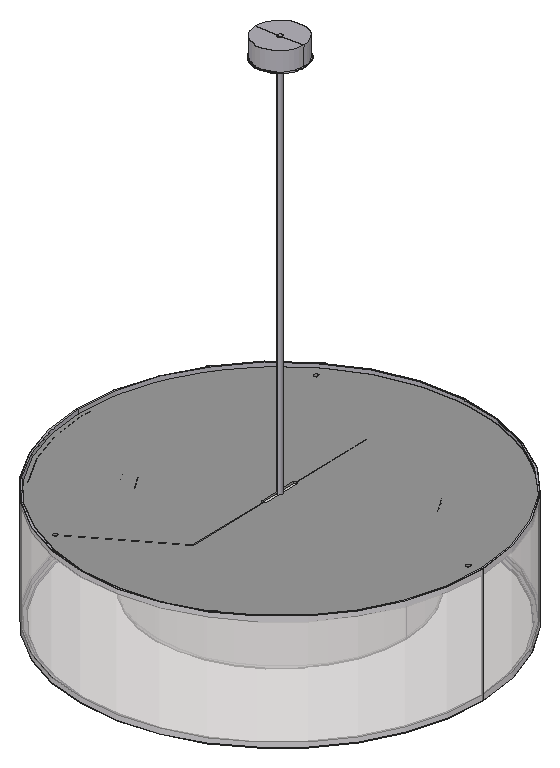
Revit family "Lighting - Lumetta - Pendant - P54814L2", category Lighting Fixtures, host Ceiling, Revit 2015
Parameters
  Wattage = 11.7117 W
  built-in parameter 1150110 = 1 (stored number, unit not read)
  URL = "https://lumetta.com/luminaires/drum-l2-48-pendant/"
  Type Comments = "Drum L2 48'' Pendant"  # constant formula
  built-in parameter 1114217 = 1 (stored number, unit not read)
  Top Lens-Material [instance] = Acrylic - 2447 - White
  Top Lens [instance] = yes
  built-in parameter 1150109 = 1 (stored number, unit not read)
  built-in parameter 1150134 = (empty or 0)
  Suspension [instance] = 2
  built-in parameter 1150113 = 1 (stored number, unit not read)
  Stem Hung-ALL Lamping [instance] = Suspension = 2  # yes
  STD-NON_DIM [instance] = not([3-4-LED])  # yes
  Model URL [instance] = "https://lumetta.com/luminaires/drum-l2-48-pendant/"
  Light Source Symbol Size = 0' - 1"
  Diffuser Material-Outer-Inside [instance] = Shade - Lumetta - D61 - MT_White
  Coupling-Stems Over 60 inches [instance] = and([Stem Hung-ALL Lamping], Fixture Drop > 5' 0")  # no
  Model = "P54814L2"  # constant formula
  Manufacturer = "Lumetta, Inc."  # constant formula
  Lumens = 1300 lm
  built-in parameter 1150115 = 1 (stored number, unit not read)
  built-in parameter 1150105 = 103.45 (stored number, unit not read)
  built-in parameter 1150137 = (empty or 0)
  built-in parameter 1150139 = (empty or 0)
  built-in parameter 1150112 = 1 (stored number, unit not read)
  built-in parameter 1150114 = 1 (stored number, unit not read)
  built-in parameter 1150132 = 1
  built-in parameter 1150102 = (empty or 0)
  built-in parameter 1150138 = (empty or 0)
  built-in parameter 1150107 = 3000 (stored number, unit not read)
  built-in parameter 1150106 = 1.0345 (stored number, unit not read)
  Frame Finish [instance] = Paint - Lumetta - F02 - PC_Chrome
  Fixture Height [instance] = 1' - 2"
  Fixture Drop [instance] = 4' - 0"
  built-in parameter 1150104 = 10.312 (stored number, unit not read)
  Dimming Lamp Color Temperature Shift = (empty or 0)
  Diffuser Material-Outer [instance] = Shade - Lumetta - D61 - MT_White
  Description = ""
  Cord [instance] = Suspension = 1  # no
  Bottom Lens-Material [instance] = Acrylic - P95 - Etched White
  Bottom Lens [instance] = yes
  3-4-LED [instance] = and([3 or 4 Wire Dimming OR LED], Suspension = 1)  # no
  3 or 4 Wire Dimming OR LED [instance] = yes
  3 Cables [instance] = Suspension = 1  # no
  1CRD-3CBL-ALL Lamping [instance] = Suspension = 1  # no
  Cord Color [instance] = Cord, Black
  Color Filter = 16777215
  built-in parameter 1114218 = 1 (stored number, unit not read)
  built-in parameter 1150133 = 10 (stored number, unit not read)
Reference planes (in)
  plane 1 "Light Source Axis (F/B)": y = 0
  plane 2 "Ceiling": z = 96
  plane 3 "Light Source Axis (L/R)": x = 0
  plane 4 "Light Source Elevation": z = 45.5
  plane 5 "Fixture-Top": z = 48
  plane 6 "Fixture-Radius": x = 24
  plane 7 "Fixture-Height": z = 34
  plane 8: through (0, 0, 0) normal (-0.5, -0.866, 0)
  plane 9: y = 0
  plane 10: through (0, 0, 0) normal (0.5, -0.866, 0)
  plane 11 "Plane-120": through (-12, 20.78461, 0) normal (0.5, -0.866, 0)
  plane 12 "Plane-240": through (-74.35383, 15.21539, 0) normal (0.5, 0.866, 0)
  plane 13: through (0, 0, 0) normal (-0.866, -0.5, 0)
  plane 14: through (0, 0, 0) normal (0.866, -0.5, 0)
Forms (in)
  Revolve 1, solid, material "Paint - Lumetta - F02 - PC_Chrome" <- "Frame Finish", visible <- "1CRD-3CBL-ALL Lamping"
    sketch origin (0, 0, 0) x (1, 0, 0) y (0, 0, 1)
      loop
        line (0, 96) -> (0, 95.4375) -> (3, 95.4375) -> (3, 95.5) -> (2.87509, 95.5) -> (2.87509, 96) -> (0, 96)
      axis (0, 96) -> (0, 95.4375)
    angle from 0 to 360
  Extrusion 2, void
    sketch origin (0, 0, 95.4375) x (0, -1, 0) y (1, 0, 0)
      loop
        circle (0, 0) r 0.25
      loop
        circle (0, 2.5) r 0.06274
      loop
        circle (-2.16506, -1.25) r 0.06274
      loop
        circle (2.16506, -1.25) r 0.06274
    from 0 to 0.06358
  Revolve 3, solid, material "Paint - Lumetta - F02 - PC_Chrome" <- "Frame Finish"
    sketch origin (0, 0, 0) x (1, 0, 0) y (0, 0, 1)
      loop
        line (24, 48) -> (23.875, 48) -> (23.875, 47.5) -> (23.375, 47.5) -> (23.375, 47.375) -> (24, 47.375) -> (24, 48)
      loop
        line (24, 34.625) -> (23.875, 34.625) -> (23.875, 34.125) -> (23.43781, 34.125) -> (23.43781, 34) -> (24, 34) -> (24, 34.625)
      axis (0, 48) -> (0, 34)
    angle from 0 to 360
  Revolve 4, solid, material "Shade - Lumetta - D61 - MT_White" <- "Diffuser Material-Outer"
    sketch origin (0, 0, 0) x (1, 0, 0) y (0, 0, 1)
      loop
        line (24, 48) -> (24, 34.00069) -> (24.06242, 34.00069) -> (24.06242, 48) -> (24, 48)
      axis (0, 48) -> (0, 34.00069)
    angle from 0 to 360
  Extrusion 5, solid, material "Paint - Lumetta - F02 - PC_Chrome" <- "Frame Finish", visible <- "Stem Hung-ALL Lamping"
    sketch origin (0, 0, 48) x (0, -1, 0) y (-1, 0, 0)
      loop
        circle (0, 0) r 0.25
    from 0.56254 to -48
  Revolve 6, solid, material "Paint - Lumetta - F02 - PC_Chrome" <- "Frame Finish", visible <- "Coupling-Stems Over 60 inches"
    sketch origin (0, 0, 0) x (1, 0, 0) y (0, 0, 1)
      loop
        line (0, 108.53023) -> (0, 108) -> (0.26233, 108)
        arc (0.26233, 108) -> (0.31307, 108.05074) -> (0.26233, 108.10149) r 0.05074
        arc (0.26233, 108.10149) -> (0.29304, 108.26499) -> (0.26243, 108.42851) r 0.45126
        arc (0.26243, 108.42851) -> (0.31329, 108.47937) -> (0.26243, 108.53023) r 0.05086
        line (0.26243, 108.53023) -> (0, 108.53023)
      axis (0, 108.53023) -> (0, 108)
    angle from 0 to 360
  Revolve 7, solid, material "Paint - Lumetta - F02 - PC_Chrome" <- "Frame Finish", visible <- "Stem Hung-ALL Lamping"
    sketch origin (0, 0, 0) x (1, 0, 0) y (0, 0, 1)
      loop
        line (0, 96) -> (0, 93.40625) -> (0.34988, 93.40625)
        arc (0.34988, 93.40625) -> (0.49124, 93.54417) -> (0.58115, 93.72) r 0.61026
        line (0.58115, 93.72) -> (3, 93.72) -> (3, 93.78) -> (2.875, 93.78) -> (2.875, 96) -> (0, 96)
      axis (0, 96) -> (0, 93.40625)
    angle from 0 to 360
  Extrusion 8, solid, material "Cord, Black" <- "Cord Color", visible <- "1CRD-3CBL-ALL Lamping"
    sketch origin (0, 0, 48) x (0, -1, 0) y (1, 0, 0)
      loop
        circle (0, 0) r 0.15674
    from -0.56254 to 48
  Extrusion 9, solid
    sketch origin (0, 0, 48) x (0, -1, 0) y (1, 0, 0)
      loop
        line (-0.5, 23.48559) -> (-0.5, 22.75) -> (0.5, 22.75) -> (0.5, 23.48559)
        arc (0.5, 23.48559) -> (0, 23.49091) -> (-0.5, 23.48559) r 23.49091
      loop
        circle (0, 23) r 0.11051
      loop
        arc (-20.54312, -11.28322) -> (-20.29774, -11.7189) -> (-20.04312, -12.14925) r 23.43781
        line (-20.04312, -12.14925) -> (-19.45208, -11.80801) -> (-19.95208, -10.94199) -> (-20.54312, -11.28322)
      loop
        circle (-19.91858, -11.5) r 0.10826
      loop
        arc (20.08912, -12.17581) -> (20.34372, -11.74545) -> (20.58912, -11.30978) r 23.49091
        line (20.58912, -11.30978) -> (19.95208, -10.94199) -> (19.45208, -11.80801) -> (20.08912, -12.17581)
      loop
        circle (19.91858, -11.5) r 0.10826
    from -0.5625 to -0.67116
  Extrusion 10, solid
    sketch origin (0, 0, 48) x (0, -1, 0) y (1, 0, 0)
      loop
        circle (0, 23) r 0.11051
      loop
        line (-0.76833, 23.23292) -> (-0.76833, 22.46921) -> (-19.87974, -10.63271) -> (-20.48613, -10.98282) -> (-19.73613, -12.28185) -> (-19.07474, -11.9) -> (19.14807, -11.9) -> (19.75447, -12.2501) -> (20.50447, -10.95107) -> (19.84307, -10.56921) -> (0.73167, 22.53271) -> (0.73167, 23.23292) -> (-0.76833, 23.23292)
      loop
        circle (0, 22.25) r 0.15796
      loop
        circle (-19.91858, -11.5) r 0.11051
      loop
        circle (-19.26907, -11.125) r 0.15796
      loop
        circle (19.91858, -11.5) r 0.11051
      loop
        circle (19.26907, -11.125) r 0.15796
      loop
        arc (17.30968, -10.2125) -> (17.49913, -10.10313) -> (17.49913, -9.88438) r 0.21875
        line (17.49913, -9.88438) -> (0.18944, 20.09688)
        arc (0.18944, 20.09688) -> (0, 20.20625) -> (-0.18944, 20.09688) r 0.21875
        line (-0.18944, 20.09688) -> (-17.49913, -9.88437)
        arc (-17.49913, -9.88437) -> (-17.49913, -10.10312) -> (-17.30968, -10.2125) r 0.21875
        line (-17.30968, -10.2125) -> (17.30968, -10.2125)
    from -0.625 to -0.67116
  Sweep 11, solid, visible <- "1CRD-3CBL-ALL Lamping"
    path origin (0, 0, 0) x (1, 0, 0) y (0, 0, 1)
      loop
        line (2.5, 95.50108) -> (22.26798, 47.4375)
    profile origin (12.38399, 0, 71.46929) x (0.924833, 0, 0.380373) y (0, -1, 0)
      loop
        circle (0, 0) r 0.03083
  Sweep 12, solid, visible <- "1CRD-3CBL-ALL Lamping"
    path origin (0, 0, 0) x (-0.5, 0.866025, 0) y (0, 0, 1)
      loop
        line (2.5, 95.50108) -> (22.26798, 47.4375)
    profile origin (-6.192, 10.72485, 71.46929) x (-0.462417, 0.800929, 0.380373) y (0.866025, 0.5, 0)
      loop
        circle (0, 0) r 0.03083
  Sweep 13, solid, visible <- "1CRD-3CBL-ALL Lamping"
    path origin (0, 0, 0) x (-0.5, -0.866025, 0) y (0, 0, 1)
      loop
        line (2.5, 95.50108) -> (22.26798, 47.4375)
    profile origin (-6.192, -10.72485, 71.46929) x (-0.462417, -0.800929, 0.380373) y (-0.866025, 0.5, 0)
      loop
        circle (0, 0) r 0.03083
  Extrusion 14, solid
    sketch origin (0, 0, 48) x (0, -1, 0) y (1, 0, 0)
      loop
        line (-12.51407, -1.25) -> (12.51407, -1.25) -> (11.07069, 1.25) -> (-11.07069, 1.25) -> (-12.51407, -1.25)
      loop
        circle (0, 0) r 0.28281
    from -0.56254 to -0.625
  Extrusion 15, solid, material "Acrylic - 2447 - White" <- "Top Lens-Material", visible <- "Top Lens"
    sketch origin (0, 0, 48) x (0, -1, 0) y (1, 0, 0)
      loop
        line (-2.50665, 0.05287) -> (-12.8083, 0.05287) -> (-19.13088, -10.89816)
        arc (-19.13088, -10.89816) -> (-19.45845, -11.31123) -> (-19.03994, -10.99064) r 0.26561
        line (-19.03994, -10.99064) -> (-12.73613, -0.07213) -> (-2.50665, -0.07213)
        arc (-2.50665, -0.07213) -> (-2.4132, -0.21734) -> (-2.25, -0.27378) r 0.26415
        line (-2.25, -0.27378) -> (2.25, -0.27378)
        arc (2.25, -0.27378) -> (2.41692, -0.21436) -> (2.50874, -0.06284) r 0.26415
        line (2.50874, -0.06284) -> (12.73077, -0.06284) -> (19.04082, -10.99217)
        arc (19.04082, -10.99217) -> (19.45768, -11.30984) -> (19.13165, -10.89949) r 0.26408
        line (19.13165, -10.89949) -> (12.80255, 0.06284) -> (2.50402, 0.06284)
        arc (2.50402, 0.06284) -> (2.40911, 0.20123) -> (2.25, 0.25453) r 0.26415
        line (2.25, 0.25453) -> (-2.25, 0.25453)
        arc (-2.25, 0.25453) -> (-2.4132, 0.19808) -> (-2.50665, 0.05287) r 0.26415
      loop
        circle (0, 22.25) r 0.26626
      loop
        circle (0, 0) r 23.84375
    from -0.5 to -0.375
  Revolve 16, solid, material "Paint - Lumetta - F02 - PC_Chrome" <- "Frame Finish", visible <- "STD-NON_DIM"
    sketch origin (0, 0, 0) x (1, 0, 0) y (0, 0, 1)
      loop
        line (0, 95.4375) -> (0, 94.87435) -> (0.28215, 94.87435) -> (0.37481, 95.4375) -> (0, 95.4375)
      axis (0, 95.4375) -> (0, 94.87435)
    angle from 0 to 360
  Revolve 17, solid, material "Paint - Lumetta - F02 - PC_Chrome" <- "Frame Finish", visible <- "3-4-LED"
    sketch origin (0, 0, 0) x (1, 0, 0) y (0, 0, 1)
      loop
        line (0, 95.4375) -> (0, 95.3765) -> (0.37481, 95.3765) -> (0.37481, 95.4375) -> (0, 95.4375)
      axis (0, 95.4375) -> (0, 95.3765)
    angle from 0 to 360
  Extrusion 18, solid, material "Acrylic - 2447 - White"
    sketch origin (0, 0, 48) x (0, -1, 0) y (1, 0, 0)
      loop
        circle (0, 0) r 15
      loop
        circle (0, 13.75) r 0.07031
      loop
        circle (-11.90785, -6.875) r 0.07031
      loop
        circle (11.90785, -6.875) r 0.07031
      loop
        circle (0, -13.75) r 0.07031
      loop
        circle (11.90785, 6.875) r 0.07031
      loop
        circle (-11.90785, 6.875) r 0.07031
      loop
        arc (-10.05433, -8.36317) -> (-10.13443, -8.74297) -> (-9.97486, -9.09682) r 0.625
        arc (-9.97486, -9.09682) -> (-5.67849, -12.24764) -> (-0.49766, -13.49082) r 13.5
        arc (-0.49766, -13.49082) -> (-0.44025, -13.47921) -> (-0.39444, -13.44273) r 0.125
        arc (-0.39444, -13.44273) -> (0, -13.25) -> (0.39444, -13.44273) r 0.5
        arc (0.39444, -13.44273) -> (0.44025, -13.47921) -> (0.49766, -13.49082) r 0.125
        arc (0.49766, -13.49082) -> (5.67849, -12.24764) -> (9.97486, -9.09682) r 13.5
        arc (9.97486, -9.09682) -> (10.13443, -8.74297) -> (10.05433, -8.36317) r 0.625
        line (10.05433, -8.36317) -> (9.23441, -6.94303)
        arc (9.23441, -6.94303) -> (9.20929, -6.84928) -> (9.23441, -6.75553) r 0.1875
        line (9.23441, -6.75553) -> (10.46767, -4.61947)
        arc (10.46767, -4.61947) -> (10.5363, -4.55084) -> (10.63005, -4.52572) r 0.1875
        line (10.63005, -4.52572) -> (12.26988, -4.52572)
        arc (12.26988, -4.52572) -> (12.63885, -4.40519) -> (12.86551, -4.09008) r 0.625
        arc (12.86551, -4.09008) -> (13.44601, 1.2061) -> (11.93223, 6.31443) r 13.5
        arc (11.93223, 6.31443) -> (11.89347, 6.35833) -> (11.83896, 6.37977) r 0.125
        arc (11.83896, 6.37977) -> (11.47484, 6.625) -> (11.44452, 7.06296) r 0.5
        arc (11.44452, 7.06296) -> (11.45321, 7.12088) -> (11.43457, 7.1764) r 0.125
        arc (11.43457, 7.1764) -> (7.76752, 11.04154) -> (2.89064, 13.18689) r 13.5
        arc (2.89064, 13.18689) -> (2.50442, 13.14816) -> (2.21555, 12.88889) r 0.625
        line (2.21555, 12.88889) -> (1.39563, 11.46875)
        arc (1.39563, 11.46875) -> (1.327, 11.40012) -> (1.23325, 11.375) r 0.1875
        line (1.23325, 11.375) -> (-1.23325, 11.375)
        arc (-1.23325, 11.375) -> (-1.327, 11.40012) -> (-1.39563, 11.46875) r 0.1875
        line (-1.39563, 11.46875) -> (-2.21555, 12.88889)
        arc (-2.21555, 12.88889) -> (-2.50442, 13.14816) -> (-2.89064, 13.18689) r 0.625
        arc (-2.89064, 13.18689) -> (-7.76752, 11.04154) -> (-11.43457, 7.1764) r 13.5
        arc (-11.43457, 7.1764) -> (-11.45321, 7.12088) -> (-11.44452, 7.06296) r 0.125
        arc (-11.44452, 7.06296) -> (-11.47484, 6.625) -> (-11.83896, 6.37977) r 0.5
        arc (-11.83896, 6.37977) -> (-11.89347, 6.35833) -> (-11.93223, 6.31443) r 0.125
        arc (-11.93223, 6.31443) -> (-13.44601, 1.2061) -> (-12.86551, -4.09008) r 13.5
        arc (-12.86551, -4.09008) -> (-12.63885, -4.40519) -> (-12.26988, -4.52572) r 0.625
        line (-12.26988, -4.52572) -> (-10.63005, -4.52572)
        arc (-10.63005, -4.52572) -> (-10.5363, -4.55084) -> (-10.46767, -4.61947) r 0.1875
        line (-10.46767, -4.61947) -> (-9.23441, -6.75553)
        arc (-9.23441, -6.75553) -> (-9.20929, -6.84928) -> (-9.23441, -6.94303) r 0.1875
        line (-9.23441, -6.94303) -> (-10.05433, -8.36317)
    from -0.8628 to -0.67116
  Extrusion 19, solid, material "Acrylic - P95 - Etched White"
    sketch origin (0, 0, 48) x (0, -1, 0) y (1, 0, 0)
      loop
        circle (0, 0) r 15
    from -10.6142 to -10.37352
  Revolve 20, solid, material "Shade - Lumetta - D61 - MT_White" <- "Diffuser Material-Outer-Inside"
    sketch origin (0, 0, 0) x (1, 0, 0) y (0, 0, 1)
      loop
        line (23.9375, 47.375) -> (23.875, 47.375) -> (23.875, 34.125) -> (23.9375, 34.125) -> (23.9375, 47.375)
      axis (0, 47.375) -> (0, 34.125)
    angle from 0 to 360
  Revolve 21, solid, material "Shade - Lumetta - D61 - MT_White"
    sketch origin (0, 0, 0) x (1, 0, 0) y (0, 0, 1)
      loop
        line (15, 47.32884) -> (15, 37.375) -> (15.03125, 37.375) -> (15.03125, 47.32884) -> (15, 47.32884)
      axis (0, 47.32884) -> (0, 37.375)
    angle from 0 to 360
Dimensions and locks (in)
  equal spacing: host sketch curve, plane 3 "Light Source Axis (L/R)", host sketch curve
  equal spacing: host sketch curve, plane 1 "Light Source Axis (F/B)", host sketch curve
  host sketch curve to host sketch curve = 10' - 0"  (x2)
  "Fixture Drop": plane 2 "Ceiling" to plane 5 "Fixture-Top"
  locked: plane 5 "Fixture-Top" to plane 4 "Light Source Elevation" at 2.5
  locked: plane 6 "Fixture-Radius" to plane 3 "Light Source Axis (L/R)" at 24
  "Fixture Height": plane 5 "Fixture-Top" to plane 7 "Fixture-Height"
  locked: Extrusion 2 sketch curve to Extrusion 2 sketch curve at 2.5
  locked: plane 6 "Fixture-Radius" to Revolve 3 sketch curve at 0.125
  locked: Revolve 4 sketch curve to plane 6 "Fixture-Radius" at 0.06242
  locked: Revolve 3 to Revolve 4 at 0.12431
  locked: Extrusion 5 sketch curve to imposter light
  locked: Extrusion 5 sketch curve to imposter light at 0
  Revolve 6 sketch curve to Revolve 6 sketch curve = 0' - 0.15822"
  locked: Revolve 6 sketch curve to Revolve 4 at 60
  locked: Revolve 6 sketch curve to Revolve 6 sketch curve at 0.53023
  locked: Revolve 6 sketch curve to Revolve 6 sketch curve at 0.26243
  locked: Revolve 6 sketch curve to Revolve 6 sketch curve at 0.26233
  locked: Revolve 6 sketch curve to Revolve 6 sketch curve at 0.05074
  locked: Revolve 6 sketch curve to Revolve 6 sketch curve at 0.47937
  locked: Revolve 6 sketch curve to Revolve 6 sketch curve at 0.26512
  locked: Revolve 7 sketch curve to Revolve 7 sketch curve at 2.875
  locked: Revolve 7 sketch curve to Revolve 7 sketch curve at 0.31375
  locked: plane 5 "Fixture-Top" to Revolve 3 sketch curve at 0.625
  locked: Revolve 3 sketch curve to Revolve 3 sketch curve at 0.125
  Revolve 3 sketch curve to plane 7 "Fixture-Height" = 0' - 0 5/8"
  plane 6 "Fixture-Radius" to Revolve 3 sketch curve = 0' - 0 1/8"
  plane 6 "Fixture-Radius" to Revolve 3 sketch curve = 0' - 0 5/8"
  locked: Revolve 1 sketch curve to Revolve 1 sketch curve at 0.0625
  locked: host ceiling to Revolve 1 sketch curve at 0.5625
  locked: Revolve 1 sketch curve to Revolve 1 sketch curve at 0.5625
  Revolve 1 sketch curve to Revolve 1 sketch curve = 0' - 2.87509"
  equal spacing: Extrusion 9 sketch curve, plane 1 "Light Source Axis (F/B)", Extrusion 9 sketch curve
  locked: Extrusion 9 sketch curve to plane 1 "Light Source Axis (F/B)" at 0.5
  locked: Extrusion 9 sketch curve to plane 6 "Fixture-Radius" at 1
  locked: Extrusion 9 sketch curve to plane 6 "Fixture-Radius" at 1.25
  locked: Extrusion 10 sketch curve to plane 6 "Fixture-Radius" at 1
  locked: Extrusion 10 sketch curve to plane 6 "Fixture-Radius" at 1.75
  locked: plane 10 to plane 11 "Plane-120" at 24
  locked: plane 12 "Plane-240" to plane 8 at 24
  locked: plane 11 "Plane-120" to Extrusion 9 sketch curve at 1.25
  locked: Extrusion 9 sketch curve to plane 11 "Plane-120" at 1
  locked: plane 12 "Plane-240" to Extrusion 9 sketch curve at 1.25
  locked: Extrusion 9 sketch curve to plane 12 "Plane-240" at 1
  locked: Extrusion 10 sketch curve to plane 11 "Plane-120" at 0.76708
  locked: Extrusion 10 sketch curve to plane 12 "Plane-240" at 0.76708
  locked: Extrusion 10 sketch curve to plane 6 "Fixture-Radius" at 0.76708
  locked: Extrusion 10 sketch curve to plane 12 "Plane-240" at 1
  locked: Extrusion 10 sketch curve to plane 12 "Plane-240" at 1.75
  locked: Extrusion 10 sketch curve to plane 11 "Plane-120" at 1
  locked: Extrusion 10 sketch curve to plane 11 "Plane-120" at 1.75
  equal spacing: Extrusion 9 sketch curve, plane 13, Extrusion 9 sketch curve, locked at 0.5 each
  equal spacing: Extrusion 9 sketch curve, plane 14, Extrusion 9 sketch curve
  locked: plane 10 to Extrusion 2 sketch curve at 2.5
  locked: Extrusion 2 sketch curve to plane 8 at 2.5
  locked: Extrusion 10 sketch curve to Extrusion 10 sketch curve at 1.6875  (x3)
  locked: Extrusion 10 sketch curve to Extrusion 10 sketch curve at 1.5  (x3)
  plane 3 "Light Source Axis (L/R)" to Extrusion 14 sketch curve = 0' - 1 1/4"
  Extrusion 14 sketch curve to plane 3 "Light Source Axis (L/R)" = 0' - 1 1/4"
  locked: Extrusion 14 sketch curve to Extrusion 10 at 1.6875  (x2)
  locked: Extrusion 15 sketch curve to plane 9 at 2.25
  locked: Extrusion 15 sketch curve to plane 3 "Light Source Axis (L/R)" at 0.07213
  locked: plane 3 "Light Source Axis (L/R)" to Extrusion 15 sketch curve at 0.05287
  locked: plane 3 "Light Source Axis (L/R)" to Extrusion 15 sketch curve at 0.06284
  locked: Extrusion 15 sketch curve to plane 3 "Light Source Axis (L/R)" at 0.06284
  locked: Extrusion 15 sketch curve to plane 3 "Light Source Axis (L/R)" at 0.00963  (x2)
  locked: Extrusion 15 sketch curve to plane 11 "Plane-120" at 1.75
  locked: Extrusion 15 sketch curve to plane 12 "Plane-240" at 1.75
  locked: Extrusion 15 sketch curve to plane 6 "Fixture-Radius" at 1.75
  locked: Extrusion 15 sketch curve to Extrusion 10 at 0.78125  (x2)
  locked: Extrusion 15 sketch curve to Extrusion 15 sketch curve at 0.125  (x2)
  Extrusion 15 to plane 3 "Light Source Axis (L/R)" = 0' - 0.07213"
  locked: plane 5 "Fixture-Top" to Extrusion 15 at 0.375
  locked: Revolve 1 sketch curve to Revolve 1 sketch curve at 3
  locked: Revolve 1 sketch curve to Revolve 1 sketch curve at 2.87509
  locked: Revolve 16 sketch curve to Revolve 16 sketch curve at 0.37481
  locked: Revolve 16 sketch curve to Revolve 16 sketch curve at 0.28215
  locked: Revolve 1 to Revolve 16 sketch curve at 0.56315
  locked: Revolve 1 to Revolve 17 sketch curve at 0.061
  locked: plane 3 "Light Source Axis (L/R)" to Revolve 17 sketch curve at 0.37481
  locked: Extrusion 18 sketch curve to plane 3 "Light Source Axis (L/R)" at 0
  locked: Extrusion 18 sketch curve to plane 9 at 0
  Extrusion 18 to Extrusion 18 = 0' - 0.19164"
  Extrusion 18 to Extrusion 19 = 0' - 9.94304"
  locked: Extrusion 19 to Extrusion 19 at 0.24068
  locked: Revolve 20 sketch curve to Revolve 3  (x2)
  locked: plane 6 "Fixture-Radius" to Revolve 20 sketch curve at 0.0625
  locked: Revolve 20 sketch curve to Revolve 20 sketch curve at 0.0625
  locked: Extrusion 19 to Revolve 21 sketch curve at 0.0108
  locked: Revolve 21 sketch curve to plane 3 "Light Source Axis (L/R)" at 15
  locked: Revolve 21 sketch curve to Revolve 21 sketch curve at 0.03125
  locked: Revolve 21 sketch curve to Extrusion 10 at 0
  locked: Extrusion 15 sketch curve to Extrusion 15 sketch curve (radius 1' - 11 27/32")
  aligned and locked: plane 3 "Light Source Axis (L/R)" to imposter light
  aligned and locked: plane 1 "Light Source Axis (F/B)" to imposter light
  aligned and locked: plane 4 "Light Source Elevation" to imposter light
  aligned and locked: Revolve 4 sketch curve to plane 3 "Light Source Axis (L/R)"
  aligned and locked: Revolve 6 sketch curve to Revolve 6 sketch curve  (x2)
  aligned and locked: host ceiling to Extrusion 5
  aligned and locked: Extrusion 9 to Extrusion 10
  aligned and locked: Extrusion 9 sketch curve to Revolve 3
  aligned and locked: host ceiling to Extrusion 8
  aligned and locked: Extrusion 5 to Extrusion 14
  aligned and locked: Extrusion 15 sketch curve to Extrusion 15 sketch curve  (x2)
  aligned and locked: Extrusion 15 to Revolve 3
  aligned and locked: Extrusion 18 to Extrusion 10
Automatic sketch dimensions
  Revolve 4 sketch curve to plane 6 "Fixture-Radius" = 0' - 0"
  Revolve 4 sketch curve to plane 7 "Fixture-Height" = 0' - 0.00069"
  Revolve 4 sketch curve to plane 5 "Fixture-Top" = 0' - 0"
  plane 7 "Fixture-Height" to Revolve 4 sketch curve = 0' - 1 1/4"
  Revolve 4 sketch curve to plane 5 "Fixture-Top" = 0' - 2 1/4"
  Revolve 6 sketch curve to plane 3 "Light Source Axis (L/R)" = 0' - 0"
  Revolve 6 sketch curve to Revolve 6 sketch curve = 0' - 11.34317"
  Revolve 7 sketch curve to plane 3 "Light Source Axis (L/R)" = 0' - 0"  (x3)
  Revolve 7 sketch curve to plane 2 "Ceiling" = 0' - 0"
  plane 3 "Light Source Axis (L/R)" to Revolve 7 sketch curve = 0' - 0.34988"
  Revolve 7 sketch curve to Revolve 7 sketch curve = 0' - 0.23126"
  Revolve 7 sketch curve to Revolve 7 sketch curve = 0' - 0 1/8"
  Revolve 7 sketch curve to plane 2 "Ceiling" = 0' - 2 3/32"
  Revolve 7 sketch curve to Revolve 7 sketch curve = 0' - 0.06"
  plane 2 "Ceiling" to Revolve 7 sketch curve = 0' - 1 3/4"
  Revolve 7 sketch curve to Revolve 7 sketch curve = 0' - 2 1/2"
  plane 1 "Light Source Axis (F/B)" to Extrusion 8 sketch curve = 0' - 0"
  Extrusion 8 sketch curve to plane 3 "Light Source Axis (L/R)" = 0' - 0"
  Revolve 3 sketch curve to plane 3 "Light Source Axis (L/R)" = 0' - 0"
  Revolve 3 sketch curve to plane 7 "Fixture-Height" = 0' - 0"
  Revolve 3 sketch curve to plane 5 "Fixture-Top" = 0' - 0"
  Revolve 3 sketch curve to plane 6 "Fixture-Radius" = 0' - 0"  (x2)
  Revolve 3 sketch curve to level = 0' - 10"
  Revolve 3 sketch curve to plane 2 "Ceiling" = 0' - 1"
  Revolve 3 sketch curve to Revolve 3 sketch curve = 0' - 0.43719"
  Revolve 3 sketch curve to Revolve 3 sketch curve = 0' - 0 1/8"
  Extrusion 9 sketch curve to Extrusion 9 sketch curve = 0' - 0"  (x2)
  plane 1 "Light Source Axis (F/B)" to Extrusion 9 sketch curve = 0' - 0"  (x2)
  Extrusion 9 sketch curve to Extrusion 9 sketch curve = 0' - 0.03349"  (x2)
  Extrusion 9 sketch curve to Extrusion 9 sketch curve = 0' - 0.17053"
  Extrusion 9 sketch curve to plane 6 "Fixture-Radius" = 0' - 0.51441"
  Extrusion 9 sketch curve to plane 3 "Light Source Axis (L/R)" = 0' - 0"
  plane 14 to Extrusion 9 sketch curve = 0' - 0"
  plane 13 to Extrusion 9 sketch curve = 0' - 0"
  Extrusion 2 sketch curve to Revolve 1 = 0' - 0"
  Extrusion 2 sketch curve to Extrusion 2 sketch curve = 0' - 1 1/4"  (x2)
  Sweep 11 sketch curve to plane 1 "Light Source Axis (F/B)" = 0' - 0"
  Sweep 11 sketch curve to profile plane = 0' - 0"
  Sweep 12 sketch curve to profile plane = 0' - 0"
  profile plane to Sweep 12 sketch curve = 0' - 0"
  profile plane to Sweep 13 sketch curve = 0' - 0"  (x2)
  plane 13 to Extrusion 10 sketch curve = 0' - 0"  (x3)
  plane 1 "Light Source Axis (F/B)" to Extrusion 10 sketch curve = 0' - 0"  (x3)
  plane 14 to Extrusion 10 sketch curve = 0' - 0"  (x2)
  Extrusion 10 sketch curve to plane 14 = 0' - 0"
  Extrusion 10 sketch curve to Extrusion 10 sketch curve = 0' - 0.18245"
  Extrusion 10 sketch curve to plane 1 "Light Source Axis (F/B)" = 0' - 0.18944"
  plane 1 "Light Source Axis (F/B)" to Extrusion 10 sketch curve = 0' - 0.18944"
  plane 1 "Light Source Axis (F/B)" to Extrusion 10 sketch curve = 0' - 0.73167"
  Extrusion 10 sketch curve to Extrusion 10 sketch curve = 0' - 0.121"
  Extrusion 10 sketch curve to Extrusion 10 sketch curve = 0' - 0 7/64"
  Extrusion 10 sketch curve to Extrusion 10 sketch curve = 0' - 1.95938"
  Extrusion 10 sketch curve to Extrusion 10 sketch curve = 0' - 0 7/32"
  Extrusion 10 sketch curve to Extrusion 10 sketch curve = 0' - 0.18944"  (x2)
  Extrusion 10 sketch curve to Extrusion 10 sketch curve = 0' - 0.6064"
  Extrusion 10 sketch curve to Extrusion 10 sketch curve = 0' - 0.66139"
  plane 1 "Light Source Axis (F/B)" to Extrusion 14 sketch curve = 0' - 0"
  Extrusion 14 sketch curve to plane 3 "Light Source Axis (L/R)" = 0' - 0"
  plane 13 to Extrusion 15 sketch curve = 0' - 0"
  plane 1 "Light Source Axis (F/B)" to Extrusion 15 sketch curve = 0' - 0"  (x2)
  plane 14 to Extrusion 15 sketch curve = 0' - 0"
  Extrusion 15 sketch curve to plane 3 "Light Source Axis (L/R)" = 0' - 0"
  plane 1 "Light Source Axis (F/B)" to Extrusion 15 sketch curve = 0' - 2 1/4"
  Extrusion 15 sketch curve to Extrusion 15 sketch curve = 0' - 0.25665"
  Extrusion 15 sketch curve to Extrusion 15 sketch curve = 0' - 0.13436"
  Extrusion 15 sketch curve to Extrusion 15 sketch curve = 0' - 0.09083"
  Revolve 1 sketch curve to plane 3 "Light Source Axis (L/R)" = 0' - 0"  (x2)
  Revolve 1 sketch curve to plane 5 "Fixture-Top" = 0' - 1 1/4"
  Revolve 1 sketch curve to Revolve 1 sketch curve = 0' - 9 3/4"
  Revolve 16 sketch curve to plane 3 "Light Source Axis (L/R)" = 0' - 0"  (x2)
  Revolve 16 sketch curve to plane 2 "Ceiling" = 0' - 0 9/16"
  Revolve 16 sketch curve to Revolve 16 sketch curve = 0' - 1.18685"
  plane 2 "Ceiling" to Revolve 16 sketch curve = 0' - 6 11/16"
  Revolve 17 sketch curve to plane 3 "Light Source Axis (L/R)" = 0' - 0"  (x2)
  Revolve 17 sketch curve to Revolve 17 sketch curve = 0' - 0.061"
  Revolve 17 sketch curve to Revolve 17 sketch curve = 0' - 0.82606"
  Revolve 17 sketch curve to plane 2 "Ceiling" = 0' - 0 1/4"
  Sweep 13 sketch curve to plane 2 "Ceiling" = 0' - 0.49892"
  plane 8 to Sweep 13 sketch curve = 0' - 2 1/2"
  plane 12 "Plane-240" to Sweep 13 sketch curve = 0' - 1.73202"
  Sweep 12 sketch curve to plane 2 "Ceiling" = 0' - 0.49892"
  Sweep 12 sketch curve to plane 10 = 0' - 2 1/2"
  plane 11 "Plane-120" to Sweep 12 sketch curve = 0' - 1.73202"
  Sweep 11 sketch curve to plane 2 "Ceiling" = 0' - 0.49892"
  plane 3 "Light Source Axis (L/R)" to Sweep 11 sketch curve = 0' - 2 1/2"
  plane 5 "Fixture-Top" to Sweep 11 sketch curve = 0' - 0 9/16"
  Sweep 11 sketch curve to plane 6 "Fixture-Radius" = 0' - 1.73202"
  plane 5 "Fixture-Top" to Sweep 13 sketch curve = 0' - 0 9/16"
  plane 5 "Fixture-Top" to Sweep 12 sketch curve = 0' - 0 9/16"
  Extrusion 18 sketch curve to Extrusion 18 sketch curve = 0' - 0"  (x35)
  Extrusion 18 sketch curve to Extrusion 18 sketch curve = 0' - 0.36203"  (x2)
  Extrusion 18 sketch curve to Extrusion 18 sketch curve = 0' - 0.08611"
  Extrusion 18 sketch curve to Extrusion 18 sketch curve = 0' - 0.57916"  (x2)
  Extrusion 18 sketch curve to Extrusion 18 sketch curve = 0' - 1.63984"  (x2)
  Extrusion 18 sketch curve to Extrusion 18 sketch curve = 0' - 0.16238"  (x6)
  Extrusion 18 sketch curve to Extrusion 18 sketch curve = 0' - 1.85352"  (x2)
  Extrusion 18 sketch curve to Extrusion 18 sketch curve = 0' - 0.54127"  (x4)
  Extrusion 18 sketch curve to Extrusion 18 sketch curve = 0' - 0.65754"
  Extrusion 18 sketch curve to Extrusion 18 sketch curve = 0' - 8.57187"  (x2)
  Extrusion 18 sketch curve to Extrusion 18 sketch curve = 0' - 0.81992"  (x2)
  Extrusion 18 sketch curve to Extrusion 18 sketch curve = 0' - 9.02001"
  Extrusion 18 sketch curve to Extrusion 18 sketch curve = 0' - 9.23441"
  Extrusion 18 sketch curve to Extrusion 18 sketch curve = 0' - 0.49305"  (x3)
  Extrusion 18 sketch curve to Extrusion 18 sketch curve = 0' - 2.21555"
  Extrusion 18 sketch curve to Extrusion 18 sketch curve = 0' - 2.46651"
  Extrusion 18 sketch curve to Extrusion 18 sketch curve = 0' - 8.74136"
  Extrusion 18 sketch curve to Extrusion 18 sketch curve = 0' - 0.27865"
  Extrusion 18 sketch curve to Extrusion 18 sketch curve = 0' - 1.23325"
  Extrusion 18 sketch curve to Extrusion 18 sketch curve = 0' - 0.38409"  (x2)
  Extrusion 18 sketch curve to Extrusion 18 sketch curve = 0' - 4.69024"  (x2)
  Extrusion 18 sketch curve to Extrusion 18 sketch curve = 0' - 0 5/16"  (x4)
  Extrusion 18 sketch curve to Extrusion 18 sketch curve = 0' - 1.42014"  (x2)
  Extrusion 18 sketch curve to Extrusion 18 sketch curve = 0' - 1.48817"  (x2)
  Extrusion 18 sketch curve to Extrusion 18 sketch curve = 0' - 0 3/32"  (x6)
  Extrusion 18 sketch curve to Extrusion 18 sketch curve = 0' - 2.13606"  (x2)
  Extrusion 18 sketch curve to Extrusion 18 sketch curve = 0' - 0 5/8"  (x2)
  Extrusion 18 sketch curve to Extrusion 18 sketch curve = 0' - 4.61947"
  Extrusion 18 sketch curve to Extrusion 18 sketch curve = 0' - 10.15668"  (x2)
  Extrusion 18 sketch curve to Extrusion 18 sketch curve = 0' - 0.61904"  (x2)
  Extrusion 18 sketch curve to Extrusion 18 sketch curve = 0' - 0.23495"  (x2)
  Extrusion 18 sketch curve to Extrusion 18 sketch curve = 0' - 4.26505"
  Extrusion 18 sketch curve to Extrusion 18 sketch curve = 0' - 1.10764"  (x2)
  Extrusion 18 sketch curve to Extrusion 18 sketch curve = 0' - 0.86111"
  plane 1 "Light Source Axis (F/B)" to Extrusion 19 sketch curve = 0' - 0"
  Extrusion 19 sketch curve to plane 3 "Light Source Axis (L/R)" = 0' - 0"
  Revolve 20 sketch curve to plane 3 "Light Source Axis (L/R)" = 0' - 0"
  level to Revolve 20 sketch curve = 0' - 1 3/8"
  plane 4 "Light Source Elevation" to Revolve 20 sketch curve = 0' - 3 1/8"
  Revolve 21 sketch curve to plane 3 "Light Source Axis (L/R)" = 0' - 0"
  plane 4 "Light Source Elevation" to Revolve 21 sketch curve = 0' - 5 5/8"
  plane 4 "Light Source Elevation" to Revolve 21 sketch curve = 0' - 0 5/8"
  radius of Extrusion 5 sketch curve = 0' - 0 1/4"
  radius of Extrusion 8 sketch curve = 0' - 0.15674"
  radius of Extrusion 9 sketch curve = 0' - 0.11051"
  radius of Extrusion 9 sketch curve = 0' - 0.10826"  (x2)
  radius of Extrusion 2 sketch curve = 0' - 0.06274"  (x3)
  radius of Sweep 11 sketch curve = 0' - 0.03083"
  radius of Sweep 12 sketch curve = 0' - 0.03083"
  radius of Sweep 13 sketch curve = 0' - 0.03083"
  radius of Extrusion 10 sketch curve = 0' - 0.11051"  (x3)
  radius of Extrusion 10 sketch curve = 0' - 0.15796"  (x3)
  radius of Extrusion 14 sketch curve = 0' - 0.28281"
  radius of Extrusion 15 sketch curve = 0' - 0.26626"
  radius of Extrusion 2 sketch curve to Revolve 1 = 0' - 2 3/4"
  radius of Extrusion 18 sketch curve = 1' - 3"
  radius of Extrusion 18 sketch curve = 0' - 0 9/128"  (x6)
  radius of Extrusion 19 sketch curve = 1' - 3"
